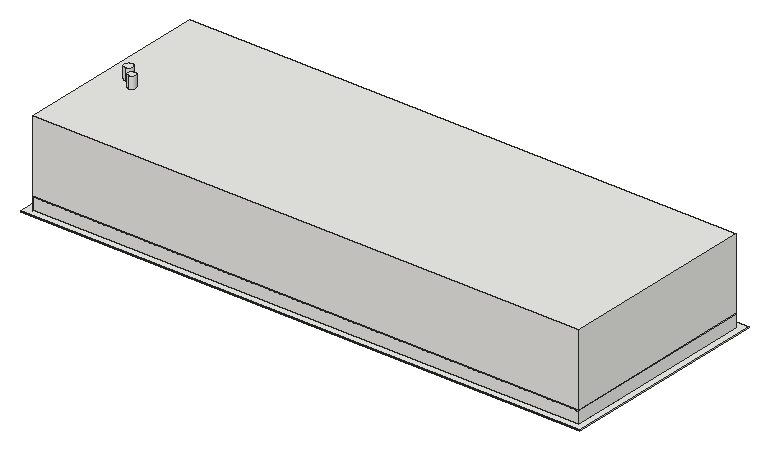
Revit family "AIRTECNICS_AIR CURTAIN_RECESSED WINDBOX_MG_DX-VRF_(HITACHI)_0", category Mechanical Equipment, Revit 2016
Family settings
  Part Type = Normal
  Round Connector Dimension = Use Diameter
  OmniClass Number = 23.75.70.21.17
  OmniClass Title = Air Curtains
  Work Plane-Based = No
  Always vertical = Yes
  Cut with Voids When Loaded = No
  Shared = No
  Room Calculation Point = No
Parameters (values of type "WINDBOX RECM 2000 DX16-HI")
  · PIPES POSITION · [instance] = "-/ Select Pipes Position /-"  # constant formula
  · OTHERS · [instance] = "-/ Select Supports - Inst.Maint. Space /-"  # constant formula
  · HEATING · = "-/ Heating /-"  # constant formula
  · EXTERNAL UNIT · [instance] = "-/ External Unit Type /-"  # constant formula
  · COIL ROWS · = "-/ DX Coil Rows /-"  # constant formula
  Weight [instance] = size_lookup(Name_Lookup_Data, "Weight", 1.00 kg, CM, CT, CH, CR)  # 122.00 kg
  Voltage [instance] = 230 V  # constant formula
  URL_Manufacturer = "https://www.airtecnics.com"
  URL_Datasheet = "https://www.airtecnics.com/download/file/5864/recessed-windbox-dx-hitachi-1-1-and-vrf.pdf"
  Triple Phase (External Ut.) [instance] = yes
  Supports Length [instance] = 500.0 mm
  Supports (Horizontal) [instance] = no
  Single Phase (External Ut.) [instance] = not([Triple Phase (External Ut.)])  # no
  Revit Version = "Revit 2016 - English"  # constant formula
  Review Date = "11/18"  # constant formula
  Remote Control = "-"  # constant formula
  Refrigerant Pipes_P4 [instance] = no
  Refrigerant Pipes_P3 [instance] = no
  Refrigerant Pipes_P2 [instance] = if(CW = 0, 1 = 1, 1 = 0)  # yes
  Refrigerant Pipes_P1 [instance] = no
  Product Size = if(CT = 2, "1000", if(CT = 4, "1500", if(CT = 8, "2000", if(CT = 16, "2500", if(CT = 32, "3000", "Consult Manufacturer")))))  # "2000"
  Product Reference [instance] = size_lookup(Name_Lookup_Ref, "", "Consult Manufacturer", CM, CT, CH, CR)  # "RECM 2000 DX16-HI"
  Product Heating [instance] = if(DX 1:1, "Direct Expansion 1:1 system", "Direct Expansion VRF system")  # "Direct Expansion 1:1 system"
  Product Description [instance] = size_lookup(Name_Lookup_Data, "", "Consult Manufacturer", CM, CT, CH, CR)  # "Energy saving heat pump air curtain: Up to 70% reduction in costs and CO2 emissions (heating mode).\r\nSelf-supporting casing construction made of galvanized steel plate, ready to be installed recessed in a false ceiling. \r\nInlet grille (free of maintenance) made with aluminium profiles and blow-out nozzle, integrated in a single white frame colour RAL 9016. Other colours are available on request.  Internal prefilter included.\r\nAnodized aluminium outlet vanes, airfoil shaped, adjustable in both directions.\r\nDouble-inlet centrifugal fans driven by an external rotor motor and low noise level. 5-speed selector. EC models assembled with very low consumption efficiency fans. \r\nIncludes only heating direct expansion coil with installed temperature sensors. Under request it can be modified to work in cooling and heating mode (not recomended) with optional condensate water pump.\r\nPlug&Play control panel CS-5DX-NE slave DX with 5 speeds selector and 7m telephone cable included.\r\nReady to connect to HITACHI Inverter outdoor heat pump unit (R410A), not included, the customer should purchase it.\r\nRequires EXV-6.0E2 HITACHI DX Interface KIT adapted for air curtain with expansion valve and  PC-ART programmable control, please consult. The client should send the complete DX kit to Airtècnics in order to adapt it and install the temperature sensors.\r\nAir Volume: 3280 m3/h \r\nFans:  0,284 kW  2,48 A 230Vx1 50/60Hz\r\nHeating capacity: 16,00 kW\r\nDimensions: 770x310x2050 mm (depth, height, length)\r\nNOT SUPPLIED BY AIRTÈCNICS:\r\nEXV-6.0E2 Interface DX kit with direct expansion valve and PC-ART programmable control.\r\nExternal unit:\r\nOption 1: RAS-6HVNC1E\r\nExternal unit with direct expansion valve Hitachi, single phase motor 230Vx1 50Hz.\r\nHeating capacity 16kW. Heating power: 4,23kW. COP 3,78.\r\nCooling capacity 14kW. Cooling power 4,25kW. EER 3,29.\r\nCooling circuits 5/8\" - 3/8\".\r\nMaximum length 75m.\r\nDesnivell màxim 30m.\r\nOption 2: RAS-6HNC1E\r\nExternal unit with direct expansion valve Hitachi, triple phase motor 400Vx3 50Hz.\r\nHeating capacity 16kW. Heating power: 4,23kW. COP 3,78.\r\nCooling capacity 14kW. Cooling power 4,25kW. EER 3,29.\r\nCooling circuits 5/8\" - 3/8\".\r\nMaximum length 75m.\r\nDesnivell màxim 30m."
  Power Fans Factor [instance] = size_lookup(Name_Lookup_Data, "Power Fans Factor", 1, CM, CT, CH, CR)  # 0.5
  Power Fans [instance] = size_lookup(Name_Lookup_Data, "Power Fans", 1 kW, CM, CT, CH, CR)  # 0.284 kW
  Noise Level (dB(A)) [instance] = size_lookup(Name_Lookup_Data, "Noise Level (dB(A))", 1, CM, CT, CH, CR)  # 58
  Name_Lookup_Ref_EU = "R_WINDBOX_MG_(DX)_HI_Ref_EU_Lookup"  # constant formula
  Name_Lookup_Ref = "R_WINDBOX_MG_(DX)_HI_Ref_Lookup"  # constant formula
  Name_Lookup_Data3 = "R_WINDBOX_MG_(DX)_HI_DXkit_Lookup"  # constant formula
  Name_Lookup_Data2 = "R_WINDBOX_MG_(DX)_HI_Mainfolds_Lookup"  # constant formula
  Name_Lookup_Data = "R_WINDBOX_MG_(DX)_HI_Data_Lookup"  # constant formula
  Material Inlet Grille [instance] = AIRTECNICS_White RAL 9016
  Material Curtain [instance] = AIRTECNICS_White RAL 9016
  Mainfolds [instance] = size_lookup(Name_Lookup_Data2, "", "Consult Manufacturer", CM, CT, CH, CR)  # "5/8 & 3/8"
  M = yes
  Length = if(CT = 2, 1050.0 mm, if(CT = 4, 1550.0 mm, if(CT = 8, 2050.0 mm, if(CT = 16, 2550.0 mm, L + 50.0 mm))))  # 2050.0 mm
  IfcExportType = "DXCOOLINGCOIL"  # constant formula
  IfcExportAs = "IfcCoilType"  # constant formula
  Height = 310.0 mm  # constant formula
  Heating Capacity [instance] = size_lookup(Name_Lookup_Data, "Heating Capacity", 1 kW, CM, CT, CH, CR)  # 16 kW
  Gas Coil Volume [instance] = size_lookup(Name_Lookup_Data, "Gas Coil Volume", 1.00 L, CM, CT, CH, CR)  # 3.10 L
  G = no
  Frequency = 50 Hz  # constant formula
  Fans Stage = 5  # constant formula
  Family Version = "1.0"  # constant formula
  External Ut. Reference [instance] = size_lookup(Name_Lookup_Ref_EU, "", "Consult Manufacturer", CM, CT, CH, CR, CEU)  # "RAS-6HNCE"
  Expansion Valve [instance] = "Included on DX Kit"  # constant formula
  EC = yes
  Dn_Metric_Refrig_Liquid [instance] = size_lookup(Name_Lookup_Data2, "Dn_Liquid", 1 mm, CM, CT, CH, CR)  # 10 mm
  Dn_Metric_Refrig_Gas [instance] = size_lookup(Name_Lookup_Data2, "Dn_Gas", 1 mm, CM, CT, CH, CR)  # 16 mm
  Depth = 770.0 mm  # constant formula
  DX VRV = not(DX 1:1)  # no
  DX Kit [instance] = size_lookup(Name_Lookup_Data3, "", "Consult Manufacturer", CM, CT, CH, CR)  # "EXV-6.0E2"
  DX Controller [instance] = "PC-ART"  # constant formula
  DX Coil Rows = 4 = no
  DX Coil Rows = 3 = not([DX Coil Rows = 4])  # yes
  DX Coil Rows [instance] = if(CR = 2, 4, if(CR = 4, 3, if(CR = 0, 2, 0)))  # 3
  DX 1:1 = yes
  Current Fans [instance] = size_lookup(Name_Lookup_Data, "Current Fans", 1 A, CM, CT, CH, CR)  # 2.48 A
  Created by = "BIMETRICAL"  # constant formula
  Control [instance] = "CS-5DX-NE"  # constant formula
  Capacity_Frig_Liquid [instance] = 0 m³/h
  Capacity_Frig_Gas [instance] = 0 m³/h
  Cable = "CB7"  # constant formula
  URL = "https://www.airtecnics.com/products/heat-pump-air-curtain-recessed-windbox-for-hitachi"
  Model = "Air Curtain Recessed Windbox M,G DX/VRF HI"  # constant formula
  L = 2000.0 mm
  Type Image = <None>
  Manufacturer = "AIRTECNICS"  # constant formula
  Description = ""
  Type Comments = "Energy saving heat pump air curtain: Up to 70% reduction in costs and CO2 emissions (heating mode).\r\nSelf-supporting casing construction made of galvanized steel plate, ready to be installed recessed in a false ceiling. \r\nInlet grille (free of maintenance) made with aluminium profiles and blow-out nozzle, integrated in a single white frame colour RAL 9016. Other colours are available on request.  Internal prefilter included.\r\nAnodized aluminium outlet vanes, airfoil shaped, adjustable in both directions.\r\nDouble-inlet centrifugal fans driven by an external rotor motor and low noise level. 5-speed selector. EC models assembled with very low consumption efficiency fans. \r\nIncludes only heating direct expansion coil with installed temperature sensors. Under request it can be modified to work in cooling and heating mode (not recomended) with optional condensate water pump.\r\nPlug&Play control panel CS-5DX-NE slave DX with 5 speeds selector and 7m telephone cable included.\r\nDX 1:1:\r\nReady to connect to HITACHI Inverter outdoor heat pump unit (R410A), not included, the customer should purchase it.\r\nRequires  HITACHI DX Interface KIT adapted for air curtain with expansion valve and   programmable control, please consult.\r\nDX VRF:\r\nReady to connect to HITACHI VRF outdoor heat pump unit (R410A), not included, the customer should purchase it.\r\nRequires  HITACHI VRF Interface KIT adapted for air curtain with expansion valve and   programmable control, please consult."  # constant formula
  CW [instance] = if(Refrigerant Pipes_P1, 2, 0) + if(Refrigerant Pipes_P3, 4, 0) + if(Refrigerant Pipes_P4, 8, 0)  # 0
  CT = if(L = 1000.0 mm, 2, 0) + if(L = 1500.0 mm, 4, 0) + if(L = 2000.0 mm, 8, 0) + if(L = 2500.0 mm, 16, 0) + if(L = 3000.0 mm, 32, 0)  # 8
  CR [instance] = if([DX Coil Rows = 4], 2, 0) + if([DX Coil Rows = 3], 4, 0)  # 4
  CM = if(M, 2, 0) + if(EC, 4, 0) + if(G, 8, 0)  # 6
  CH [instance] = if(DX 1:1, 2, 0) + if(DX VRV, 4, 0)  # 2
  CEU [instance] = if([Single Phase (External Ut.)], 2, 0) + if([Triple Phase (External Ut.)], 4, 0)  # 4
  BIMETRICAL Category = "Coil"  # constant formula
  BIMETRICAL = "http://www.bimetrical.com/"  # constant formula
  Aspiration/Maintenance Space [instance] = no
  Apparent Load [instance] = size_lookup(Name_Lookup_Data, "Apparent Load", 1 VA, CM, CT, CH, CR)  # 568 VA
  Airflow [instance] = size_lookup(Name_Lookup_Data, "Airflow", 1 m³/h, CM, CT, CH, CR)  # 3280 m³/h
Reference planes
  plane 1 "Centro (Frontal/Posterior)": z = 0
  plane 2: y = 246.57
  plane 3 "Centro (Izquierda/Derecha)": x = 0
Nested families
  nested 1: "GEOM_WINDBOX_P_RECESSED_DX" at (0, 130, 48), L <- "L", ViHS <- "Supports (Horizontal)", Support Length <- "Supports Length", Aspiration/Maintenance Space <- "Aspiration/Maintenance Space", CW <- "CW", Material Curtain <- "Material Curtain", Material Inlet Grille <- "Material Inlet Grille", type "Air curtain Recessed Windbox DX"
    with ViHSC no, ViHS no, Vi2 no, Vi1 yes, TI 9, Support Length 500.0 mm, Position Water pipes OUT connection "--------------------------------", Position Water pipes IN connection "--------------------------------", Material Inlet Grille AIRTECNICS_White RAL 9016, Material Curtain AIRTECNICS_White RAL 9016, LiS 760.0 mm, Li9 114.0 mm, Li8 0.0 mm, Li7 52.0 mm, Li6 720.0 mm, Li16 10.0 mm, Li15 10.0 mm, Li14 260.0 mm, Li13 76.0 mm, Li12 0.0 mm, Li11 85.0 mm, Li10 260.0 mm, L 2000.0 mm, D_Liquid 27.0 mm, D_Gas 31.0 mm, CW 0, Aspiration/Maintenance Space no, AnWCO 90.00°, AnWCI 90.00°
Connectors
  electrical at (859, 510.57, 308), driven by "Voltage", driven by "Apparent Load", driven by "Power Fans Factor", driven by "Apparent Load"
    settings: on nested 1, index 1, voltage 230 V, apparent load 568 VA, apparent load phase1 568 VA, apparent load phase2 0 VA, apparent load phase3 0 VA, power factor 0.5, load classification "HVAC", number of poles 1, system type 30, power factor state 1, is connector primary yes, connector utility no, sub classification motor no, connector description ""
  piping at (-924, 231.57, 348), diameter 16, driven by "Dn_Metric_Refrig_Gas", driven by "Capacity_Frig_Gas"
    settings: on nested 1, index 2, connector inside diameter 609.6 mm, connector length 0.0 mm, flow factor 0, pipe flow 0 m³/h, pressure drop 0.0 Pa, fitting loss kfactor 0, connector angle 0.00°, fixture units 0, engagement length 0.0 mm, angle of deflection 0.00°, flow configuration 1, flow direction 1, fitting loss method 0, system type 7, joint type 0, gender type 0, connector reference index -1, connector utility 0, adjustable connector no, is connector primary yes, connector description "(gas) refrigerant connection"
  piping at (-886, 198.57, 348), diameter 10, driven by "Dn_Metric_Refrig_Liquid", driven by "Capacity_Frig_Liquid"
    settings: on nested 1, index 3, connector inside diameter 609.6 mm, connector length 0.0 mm, flow factor 0, pipe flow 0 m³/h, pressure drop 0.0 Pa, fitting loss kfactor 0, connector angle 0.00°, fixture units 0, engagement length 0.0 mm, angle of deflection 0.00°, flow configuration 1, flow direction 2, fitting loss method 0, system type 8, joint type 0, gender type 0, connector reference index -1, connector utility 0, adjustable connector no, is connector primary no, connector description "(liquid) refrigerant connection"
Definition of nested family "GEOM_WINDBOX_P_RECESSED_DX"
  Parameters (values of type "Air curtain Recessed Windbox DX")
    ViHSC [instance] = if(and(ViHS, L > 1000.0 mm), 1 = 1, 1 = 0)  # no
    Vi2 [instance] = if(L = 2500.0 mm, 1 = 1, 1 = 0)  # yes
    Vi1 [instance] = not(Vi2)  # no
    TI [instance] = if(L = 1000.0 mm, 5, if(L = 1500.0 mm, 7, if(L = 2000.0 mm, 9, if(L = 2500.0 mm, 11, L / 200.0 mm))))  # 11
    Name_Lookup_WaterCoils = "R_WINDBOX_MG_DX_(P)_WaterCoil_Lookup"  # constant formula
    Material Outlet Grille = none
    Material II = none
    Material I = none
    Material Inlet Grille [instance] = none
    Li16 [instance] = if(CW = 2, 100.0 mm, 10.0 mm)  # 10.0 mm
    Li15 [instance] = if(CW = 8, 100.0 mm, 10.0 mm)  # 10.0 mm
    Li14 [instance] = size_lookup(Name_Lookup_WaterCoils, "Li14", 260.0 mm, CW)  # 260.0 mm
    Li13 [instance] = if(CW = 4, L - 114.0 mm, if(CW = 2, 1.0 mm, if(CW = 8, L - 1.0 mm, 76.0 mm)))  # 76.0 mm
    Li12 [instance] = size_lookup(Name_Lookup_WaterCoils, "Li12", 0.0 mm, CW)  # 0.0 mm
    Li11 [instance] = size_lookup(Name_Lookup_WaterCoils, "Li11", 85.0 mm, CW)  # 85.0 mm
    D_Liquid [instance] = 27.0 mm  # constant formula
    D_Gas [instance] = 31.0 mm  # constant formula
    CW [instance] = 0
    AnWCO [instance] = size_lookup(Name_Lookup_WaterCoils, "AnWCO", 90.00°, CW)  # 90.00°
    Position Water pipes IN connection [instance] = "--------------------------------"  # constant formula
    Position Water pipes OUT connection [instance] = "--------------------------------"  # constant formula
    ViHS [instance] = no
    Support Length [instance] = 500.0 mm
    AnWCI [instance] = size_lookup(Name_Lookup_WaterCoils, "AnWCI", 90.00°, CW)  # 90.00°
    LiS [instance] = Support Length + 260.0 mm  # 760.0 mm
    Revit Version = "Revit 2016 - English"  # constant formula
    Review Date = "11/18"  # constant formula
    Material Curtain [instance] = none
    Li9 [instance] = if(CW = 4, L - 76.0 mm, if(CW = 2, 1.0 mm, if(CW = 8, L - 1.0 mm, 114.0 mm)))  # 114.0 mm
    Li7 [instance] = size_lookup(Name_Lookup_WaterCoils, "Li7", 52.0 mm, CW)  # 52.0 mm
    Li6 [instance] = Depth  # 720.0 mm
    Li8 [instance] = size_lookup(Name_Lookup_WaterCoils, "Li8", 0.0 mm, CW)  # 0.0 mm
    Li10 [instance] = size_lookup(Name_Lookup_WaterCoils, "Li10", 260.0 mm, CW)  # 260.0 mm
    Family Version = "1.0"  # constant formula
    Depth = 720.0 mm  # constant formula
    Default Elevation = 1219.2 mm
    Created by = "BIMETRICAL"  # constant formula
    URL = "https://www.airtecnics.com/products/heat-pump-and-energy-saving-air-curtains"
    Model = "Air curtain Recessed Windbox DX"  # constant formula
    L [instance] = 2500.0 mm
    Type Image = (empty or 0)
    Manufacturer = "AIRTECNICS"  # constant formula
    Description = "AIRTECNICS_Air curtain Recessed Windbox DX"  # constant formula
    Type Comments = ""
    BIMETRICAL Category = "Fan"  # constant formula
    BIMETRICAL = "http://www.bimetrical.com/"  # constant formula
    Aspiration/Maintenance Space [instance] = no
  Reference planes
    plane 1 "Centro (Frontal/Posterior)": z = 0
    plane 2: y = 246.57
    plane 3 "Centro (Izquierda/Derecha)": x = 0
    plane 4: z = 260
    plane 5: y = 476.57
    plane 6: y = 16.57
    plane 7: x = -1250
    plane 8: x = 1250
    plane 9: x = -1210
    plane 10: x = 1210
    plane 11: y = 442.57
    plane 12: y = 145.57
    plane 13: y = -223.43
    plane 14: x = -1136
    plane 15 "P1-01": y = 68.57
    plane 16 "P1-02": z = 0
    plane 17 "P2-01": x = -1174
    plane 18 "P2-02": z = 0
    plane 19 "P2-03": y = 101.57
    plane 20: y = -243.43
    plane 21: y = 501.57
    plane 22: x = 1275
    plane 23: y = -268.43
    plane 24: z = -48
    plane 25: z = -50
    plane 26: x = 1248
    plane 27: x = -1248
    plane 28: x = -418.5
    plane 29: x = 418.5
    plane 30: x = -1203.5
    plane 31: x = 1203.5
    plane 32: x = -962.8
    plane 33: x = -722.1
    plane 34: x = -481.4
    plane 35: z = -250
    plane 36: y = -241.454
    plane 37: y = -9.53
    plane 38: x = 1335
    plane 39: x = -1425
    plane 40: x = -240.7
    plane 41: x = 0
    plane 42: x = 240.7
    plane 43: x = 481.4
    plane 44: x = 722.1
    plane 45: x = 962.8
  Forms (mm)
    Extrusion 1, solid, material <- "Material Inlet Grille"
      sketch origin (0, 0, -50) x (1, 0, 0) y (0, 1, 0)
        loop
          line (-1250, 476.57) -> (-1250, -243.43) -> (1250, -243.43) -> (1250, 476.57) -> (-1250, 476.57)
      from 0 to 50
    Extrusion 2, void, detail levels medium+fine
      sketch origin (0, 0, -50) x (1, 0, 0) y (0, 1, 0)
        loop
          line (-1249, 474.57) -> (-1249, 387.47) -> (1249, 387.47) -> (1249, 474.57) -> (-1249, 474.57)
      from 0 to 46
    Extrusion 3, solid, material <- "Material Curtain", not visible
      sketch origin (559.734, 0, 0) x (1, 0, 0) y (0, 1, 0)
        loop
          line (613.266, 405.57) -> (485.266, 405.57) -> (485.266, 355.57) -> (613.266, 355.57) -> (613.266, 405.57)
      from 260 to 259
    Extrusion 4, solid, visible <- "ViHS"
      sketch origin (0, 0, 0) x (1, 0, 0) y (0, 1, 0)
        loop
          circle (-1210, 442.57) r 3.375
      from 260 to 760 <- "LiS"
    Extrusion 5, solid, visible <- "ViHSC"
      sketch origin (1185, 0, 0) x (1, 0, 0) y (0, 1, 0)
        loop
          circle (-1185, 442.57) r 3.375
      from 260 to 760 <- "LiS"
    Extrusion 6, solid, visible <- "ViHS"
      sketch origin (2385, 0, 0) x (1, 0, 0) y (0, 1, 0)
        loop
          circle (-1175, 442.57) r 3.375
      from 260 to 760 <- "LiS"
    Extrusion 7, solid, visible <- "ViHSC"
      sketch origin (1185, -240, 0) x (1, 0, 0) y (0, 1, 0)
        loop
          circle (-1185, 385.57) r 3.375
      from 260 to 760 <- "LiS"
    Extrusion 8, solid, visible <- "ViHS"
      sketch origin (2344.293, -280.483, 0) x (1, 0, 0) y (0, 1, 0)
        loop
          circle (-1134.293, 426.053) r 3.375
      from 260 to 760 <- "LiS"
    Extrusion 9, solid, visible <- "ViHS"
      sketch origin (9.293, -280.483, 0) x (1, 0, 0) y (0, 1, 0)
        loop
          circle (-1219.293, 426.053) r 3.375
      from 260 to 760 <- "LiS"
    Extrusion 10, solid, visible <- "Aspiration/Maintenance Space"
      sketch origin (0, 0, -50) x (1, 0, 0) y (0, 1, 0)
        loop
          line (-1250, 476.57) -> (-1250, -243.43) -> (1250, -243.43) -> (1250, 476.57) -> (-1250, 476.57)
      from 310 to 410
    Extrusion 11, solid, visible <- "Aspiration/Maintenance Space"
      sketch origin (230, 246.57, 5) x (1, 0, 0) y (0, 0, 1)
        loop
          line (1020, 255) -> (1020, -53) -> (1030, -53) -> (1030, 255) -> (1020, 255)
      from -230 to 490
    Extrusion 12, solid, visible <- "Aspiration/Maintenance Space"
      sketch origin (-2520, 246.57, 5) x (1, 0, 0) y (0, 0, 1)
        loop
          line (1260, 255) -> (1260, -53) -> (1270, -53) -> (1270, 255) -> (1260, 255)
      from -230 to 490
    Extrusion 13, solid, visible <- "ViHSC"
      sketch origin (1185, -609, 0) x (1, 0, 0) y (0, 1, 0)
        loop
          circle (-1185, 385.57) r 3.375
      from 260 to 760 <- "LiS"
    Extrusion 14, solid, visible <- "ViHS"
      sketch origin (2344.293, -649.483, 0) x (1, 0, 0) y (0, 1, 0)
        loop
          circle (-1134.293, 426.053) r 3.375
      from 260 to 760 <- "LiS"
    Extrusion 15, solid, visible <- "ViHS"
      sketch origin (9.293, -649.483, 0) x (1, 0, 0) y (0, 1, 0)
        loop
          circle (-1219.293, 426.053) r 3.375
      from 260 to 760 <- "LiS"
    Extrusion 16, solid, material <- "Material Curtain"
      sketch origin (-1174, 101.57, 260) x (0, -1, 0) y (1, 0, 0)
        loop
          circle (0, 0) r 15.5
      from 0 to 40
    Extrusion 17, solid, material <- "Material Curtain"
      sketch origin (-1136, 68.57, 260) x (0, -1, 0) y (1, 0, 0)
        loop
          circle (0, 0) r 13.5
      from 0 to 40
    Extrusion 18, solid, material <- "Material Inlet Grille"
      sketch origin (-54.078, -166.435, -50) x (1, 0, 0) y (0, 1, 0)
        loop
          line (-1220.922, -101.996) -> (1329.078, -101.996) -> (1329.078, 668.004) -> (-1220.922, 668.004) -> (-1220.922, -101.996)
        loop
          line (-1195.922, -76.996) -> (1304.078, -76.996) -> (1304.078, 643.004) -> (-1195.922, 643.004) -> (-1195.922, -76.996)
      from 0 to 2
    Sweep 19, void
      path origin (0, 0, -50) x (1, 0, 0) y (0, 1, 0)
        loop
          line (-1250, 476.57) -> (-1250, -243.43) -> (1250, -243.43) -> (1250, 476.57) -> (-1250, 476.57)
      profile origin (0, 476.57, -50) x (0, 1, 0) y (0, 0, 1)
        loop
          line (0, 46) -> (0, 50) -> (-4, 50)
          arc (-4, 50) -> (-1.172, 48.828) -> (0, 46) r 4
    Extrusion 20, solid, material <- "Material Outlet Grille"
      sketch origin (0, 0, 0) x (0, 1, 0) y (0, 0, 1)
        loop
          line (452.413, -27.506) -> (455.591, -46.036)
          arc (455.591, -46.036) -> (457.07, -47.282) -> (458.548, -46.036) r 1.5
          line (458.548, -46.036) -> (461.726, -27.506)
          arc (461.726, -27.506) -> (457.07, -21.982) -> (452.413, -27.506) r 4.725
        loop
          arc (429.342, -46.036) -> (430.82, -47.282) -> (432.299, -46.036) r 1.5
          line (432.299, -46.036) -> (435.477, -27.506)
          arc (435.477, -27.506) -> (430.82, -21.982) -> (426.163, -27.506) r 4.725
          line (426.163, -27.506) -> (429.342, -46.036)
        loop
          arc (409.976, -27.506) -> (405.319, -21.982) -> (400.662, -27.506) r 4.725
          line (400.662, -27.506) -> (403.84, -46.036)
          arc (403.84, -46.036) -> (405.319, -47.282) -> (406.797, -46.036) r 1.5
          line (406.797, -46.036) -> (409.976, -27.506)
      from -1248 to 1248
    Extrusion 21, void, detail levels medium+fine
      sketch origin (0, -484.3, -50) x (1, 0, 0) y (0, 1, 0)
        loop
          line (-1249, 474.77) -> (-1249, 242.846) -> (1249, 242.846) -> (1249, 474.77) -> (-1249, 474.77)
      from 0 to 46
    Extrusion 22, solid, material <- "Material Curtain"
      sketch origin (0, 0, -50) x (1, 0, 0) y (0, 1, 0)
        loop
          line (-1250, 476.57) -> (-1250, -243.43) -> (1250, -243.43) -> (1250, 476.57) -> (-1250, 476.57)
      from 50 to 310
    Extrusion 23, solid, material <- "Material II", visible <- "Vi1"
      sketch origin (0, 0, 0) x (0, 1, 0) y (0, 0, 1)
        loop
          line (474.57, -4) -> (400.57, -4) -> (400.57, -47.504) -> (474.57, -47.504) -> (474.57, -4)
      from -7.5 to 7.5
    Extrusion 24, solid, material <- "Material I"
      sketch origin (1191.816, 0, 0) x (0, 1, 0) y (0, 0, 1)
        loop
          arc (402.126, -44.927) -> (403.13, -46.77) -> (405.096, -47.504) r 3
          line (405.096, -47.504) -> (431.043, -47.504)
          arc (431.043, -47.504) -> (433.022, -46.759) -> (434.017, -44.893) r 3
          line (434.017, -44.893) -> (437.046, -21.725)
          arc (437.046, -21.725) -> (436.086, -18.568) -> (433.08, -17.207) r 4
          line (433.08, -17.207) -> (403.059, -17.207)
          arc (403.059, -17.207) -> (400.04, -18.583) -> (399.098, -21.764) r 4
          line (399.098, -21.764) -> (402.126, -44.927)
      from 53.181 to 56.184
    Extrusion 25, solid, material <- "Material I", visible <- "Vi1"
      sketch origin (-45.681, 0, 0) x (0, 1, 0) y (0, 0, 1)
        loop
          arc (402.126, -44.927) -> (403.13, -46.77) -> (405.096, -47.504) r 3
          line (405.096, -47.504) -> (431.043, -47.504)
          arc (431.043, -47.504) -> (433.022, -46.759) -> (434.017, -44.893) r 3
          line (434.017, -44.893) -> (437.046, -21.725)
          arc (437.046, -21.725) -> (436.086, -18.568) -> (433.08, -17.207) r 4
          line (433.08, -17.207) -> (403.059, -17.207)
          arc (403.059, -17.207) -> (400.04, -18.583) -> (399.098, -21.764) r 4
          line (399.098, -21.764) -> (402.126, -44.927)
      from 53.181 to 56.184
    Extrusion 26, solid, material <- "Material I", visible <- "Vi1"
      sketch origin (-63.684, 0, 0) x (0, 1, 0) y (0, 0, 1)
        loop
          arc (402.126, -44.927) -> (403.13, -46.77) -> (405.096, -47.504) r 3
          line (405.096, -47.504) -> (431.043, -47.504)
          arc (431.043, -47.504) -> (433.022, -46.759) -> (434.017, -44.893) r 3
          line (434.017, -44.893) -> (437.046, -21.725)
          arc (437.046, -21.725) -> (436.086, -18.568) -> (433.08, -17.207) r 4
          line (433.08, -17.207) -> (403.059, -17.207)
          arc (403.059, -17.207) -> (400.04, -18.583) -> (399.098, -21.764) r 4
          line (399.098, -21.764) -> (402.126, -44.927)
      from 53.181 to 56.184
    Extrusion 27, solid, material <- "Material II", visible <- "Vi2", not visible
      sketch origin (0, 0, 0) x (0, 1, 0) y (0, 0, 1)
        loop
          line (474.57, -4) -> (400.57, -4) -> (400.57, -47.504) -> (474.57, -47.504) -> (474.57, -4)
      from -7.5 to 7.5
    Extrusion 28, solid, material <- "Material I", visible <- "Vi2", not visible
      sketch origin (-45.681, 0, 0) x (0, 1, 0) y (0, 0, 1)
        loop
          arc (402.126, -44.927) -> (403.13, -46.77) -> (405.096, -47.504) r 3
          line (405.096, -47.504) -> (431.043, -47.504)
          arc (431.043, -47.504) -> (433.022, -46.759) -> (434.017, -44.893) r 3
          line (434.017, -44.893) -> (437.046, -21.725)
          arc (437.046, -21.725) -> (436.086, -18.568) -> (433.08, -17.207) r 4
          line (433.08, -17.207) -> (403.059, -17.207)
          arc (403.059, -17.207) -> (400.04, -18.583) -> (399.098, -21.764) r 4
          line (399.098, -21.764) -> (402.126, -44.927)
      from 53.181 to 56.184
    Extrusion 29, solid, material <- "Material I", visible <- "Vi2", not visible
      sketch origin (-63.684, 0, 0) x (0, 1, 0) y (0, 0, 1)
        loop
          arc (402.126, -44.927) -> (403.13, -46.77) -> (405.096, -47.504) r 3
          line (405.096, -47.504) -> (431.043, -47.504)
          arc (431.043, -47.504) -> (433.022, -46.759) -> (434.017, -44.893) r 3
          line (434.017, -44.893) -> (437.046, -21.725)
          arc (437.046, -21.725) -> (436.086, -18.568) -> (433.08, -17.207) r 4
          line (433.08, -17.207) -> (403.059, -17.207)
          arc (403.059, -17.207) -> (400.04, -18.583) -> (399.098, -21.764) r 4
          line (399.098, -21.764) -> (402.126, -44.927)
      from 53.181 to 56.184
    Extrusion 30, solid, material <- "Material II", visible <- "Vi2"
      sketch origin (418.5, 0, 0) x (0, 1, 0) y (0, 0, 1)
        loop
          line (474.57, -4) -> (400.57, -4) -> (400.57, -47.504) -> (474.57, -47.504) -> (474.57, -4)
      from -7.5 to 7.5
    Extrusion 31, solid, material <- "Material I", visible <- "Vi2"
      sketch origin (372.819, 0, 0) x (0, 1, 0) y (0, 0, 1)
        loop
          arc (402.126, -44.927) -> (403.13, -46.77) -> (405.096, -47.504) r 3
          line (405.096, -47.504) -> (431.043, -47.504)
          arc (431.043, -47.504) -> (433.022, -46.759) -> (434.017, -44.893) r 3
          line (434.017, -44.893) -> (437.046, -21.725)
          arc (437.046, -21.725) -> (436.086, -18.568) -> (433.08, -17.207) r 4
          line (433.08, -17.207) -> (403.059, -17.207)
          arc (403.059, -17.207) -> (400.04, -18.583) -> (399.098, -21.764) r 4
          line (399.098, -21.764) -> (402.126, -44.927)
      from 53.181 to 56.184
    Extrusion 32, solid, material <- "Material I", visible <- "Vi2"
      sketch origin (354.816, 0, 0) x (0, 1, 0) y (0, 0, 1)
        loop
          arc (402.126, -44.927) -> (403.13, -46.77) -> (405.096, -47.504) r 3
          line (405.096, -47.504) -> (431.043, -47.504)
          arc (431.043, -47.504) -> (433.022, -46.759) -> (434.017, -44.893) r 3
          line (434.017, -44.893) -> (437.046, -21.725)
          arc (437.046, -21.725) -> (436.086, -18.568) -> (433.08, -17.207) r 4
          line (433.08, -17.207) -> (403.059, -17.207)
          arc (403.059, -17.207) -> (400.04, -18.583) -> (399.098, -21.764) r 4
          line (399.098, -21.764) -> (402.126, -44.927)
      from 53.181 to 56.184
    Extrusion 33, solid, visible <- "Vi1", not visible
      sketch origin (1185, 0, 0) x (1, 0, 0) y (0, 1, 0)
        loop
          circle (-1185, 442.57) r 3.375
      from 260 to 760 <- "LiS"
    Extrusion 34, solid, material <- "Material II", visible <- "Vi1", not visible
      sketch origin (0, 0, 0) x (0, 1, 0) y (0, 0, 1)
        loop
          line (474.57, -4) -> (400.57, -4) -> (400.57, -47.504) -> (474.57, -47.504) -> (474.57, -4)
      from -7.5 to 7.5
    Extrusion 35, solid, material <- "Material I", visible <- "Vi1", not visible
      sketch origin (-45.681, 0, 0) x (0, 1, 0) y (0, 0, 1)
        loop
          arc (402.126, -44.927) -> (403.13, -46.77) -> (405.096, -47.504) r 3
          line (405.096, -47.504) -> (431.043, -47.504)
          arc (431.043, -47.504) -> (433.022, -46.759) -> (434.017, -44.893) r 3
          line (434.017, -44.893) -> (437.046, -21.725)
          arc (437.046, -21.725) -> (436.086, -18.568) -> (433.08, -17.207) r 4
          line (433.08, -17.207) -> (403.059, -17.207)
          arc (403.059, -17.207) -> (400.04, -18.583) -> (399.098, -21.764) r 4
          line (399.098, -21.764) -> (402.126, -44.927)
      from 53.181 to 56.184
    Extrusion 36, solid, material <- "Material I", visible <- "Vi1", not visible
      sketch origin (-63.684, 0, 0) x (0, 1, 0) y (0, 0, 1)
        loop
          arc (402.126, -44.927) -> (403.13, -46.77) -> (405.096, -47.504) r 3
          line (405.096, -47.504) -> (431.043, -47.504)
          arc (431.043, -47.504) -> (433.022, -46.759) -> (434.017, -44.893) r 3
          line (434.017, -44.893) -> (437.046, -21.725)
          arc (437.046, -21.725) -> (436.086, -18.568) -> (433.08, -17.207) r 4
          line (433.08, -17.207) -> (403.059, -17.207)
          arc (403.059, -17.207) -> (400.04, -18.583) -> (399.098, -21.764) r 4
          line (399.098, -21.764) -> (402.126, -44.927)
      from 53.181 to 56.184
    Extrusion 37, solid, material <- "Material II", visible <- "Vi2"
      sketch origin (-418.5, 0, 0) x (0, 1, 0) y (0, 0, 1)
        loop
          line (474.57, -4) -> (400.57, -4) -> (400.57, -47.504) -> (474.57, -47.504) -> (474.57, -4)
      from -7.5 to 7.5
    Extrusion 38, solid, material <- "Material I", visible <- "Vi2"
      sketch origin (-464.181, 0, 0) x (0, 1, 0) y (0, 0, 1)
        loop
          arc (402.126, -44.927) -> (403.13, -46.77) -> (405.096, -47.504) r 3
          line (405.096, -47.504) -> (431.043, -47.504)
          arc (431.043, -47.504) -> (433.022, -46.759) -> (434.017, -44.893) r 3
          line (434.017, -44.893) -> (437.046, -21.725)
          arc (437.046, -21.725) -> (436.086, -18.568) -> (433.08, -17.207) r 4
          line (433.08, -17.207) -> (403.059, -17.207)
          arc (403.059, -17.207) -> (400.04, -18.583) -> (399.098, -21.764) r 4
          line (399.098, -21.764) -> (402.126, -44.927)
      from 53.181 to 56.184
    Extrusion 39, solid, material <- "Material I", visible <- "Vi2"
      sketch origin (-482.184, 0, 0) x (0, 1, 0) y (0, 0, 1)
        loop
          arc (402.126, -44.927) -> (403.13, -46.77) -> (405.096, -47.504) r 3
          line (405.096, -47.504) -> (431.043, -47.504)
          arc (431.043, -47.504) -> (433.022, -46.759) -> (434.017, -44.893) r 3
          line (434.017, -44.893) -> (437.046, -21.725)
          arc (437.046, -21.725) -> (436.086, -18.568) -> (433.08, -17.207) r 4
          line (433.08, -17.207) -> (403.059, -17.207)
          arc (403.059, -17.207) -> (400.04, -18.583) -> (399.098, -21.764) r 4
          line (399.098, -21.764) -> (402.126, -44.927)
      from 53.181 to 56.184
    Extrusion 40, solid, material <- "Material Outlet Grille"
      sketch origin (0, -232.43, -85.237) x (1, 0, 0) y (0, 0, 1)
        loop
          circle (-1203.5, 56.137) r 4
      from -222.9 to 5
    Extrusion 41, solid, material <- "Material Outlet Grille"
      sketch origin (2407, -232.43, -85.237) x (1, 0, 0) y (0, 0, 1)
        loop
          circle (-1203.5, 56.137) r 4
      from -222.9 to 5
    Extrusion 42, solid, material <- "Material Outlet Grille"
      sketch origin (240.7, -232.43, -85.237) x (1, 0, 0) y (0, 0, 1)
        loop
          circle (-1203.5, 56.137) r 4
      from -222.9 to 5
    Extrusion 43, solid, material <- "Material Outlet Grille"
      sketch origin (481.4, -232.43, -85.237) x (1, 0, 0) y (0, 0, 1)
        loop
          circle (-1203.5, 56.137) r 4
      from -222.9 to 5
    Extrusion 44, solid, material <- "Material Outlet Grille"
      sketch origin (722.1, -232.43, -85.237) x (1, 0, 0) y (0, 0, 1)
        loop
          circle (-1203.5, 56.137) r 4
      from -222.9 to 5
    Extrusion 45, solid, material <- "Material I"
      sketch origin (-1301.181, 0, 0) x (0, 1, 0) y (0, 0, 1)
        loop
          arc (402.126, -44.927) -> (403.13, -46.77) -> (405.096, -47.504) r 3
          line (405.096, -47.504) -> (431.043, -47.504)
          arc (431.043, -47.504) -> (433.022, -46.759) -> (434.017, -44.893) r 3
          line (434.017, -44.893) -> (437.046, -21.725)
          arc (437.046, -21.725) -> (436.086, -18.568) -> (433.08, -17.207) r 4
          line (433.08, -17.207) -> (403.059, -17.207)
          arc (403.059, -17.207) -> (400.04, -18.583) -> (399.098, -21.764) r 4
          line (399.098, -21.764) -> (402.126, -44.927)
      from 53.181 to 56.184
    Extrusion 46, solid, material <- "Material Inlet Grille"
      sketch origin (0, -150, 0) x (0, 1, 0) y (0, 0, 1)
        loop
          line (136.77, -33.656) -> (122.009, -45.189)
          arc (122.009, -45.189) -> (118.063, -47.263) -> (113.64, -47.821) r 12.5
          line (113.64, -47.821) -> (113.57, -49.119)
          arc (113.57, -49.119) -> (118.453, -48.503) -> (122.809, -46.213) r 13.8
          line (122.809, -46.213) -> (137.57, -34.681)
          arc (137.57, -34.681) -> (138.306, -33.772) -> (138.57, -32.632) r 2.6
          line (138.57, -32.632) -> (138.57, -23.9) -> (137.27, -23.9) -> (137.27, -32.632)
          arc (137.27, -32.632) -> (137.138, -33.202) -> (136.77, -33.656) r 1.3
        loop
          line (111.77, -33.656) -> (97.009, -45.189)
          arc (97.009, -45.189) -> (93.063, -47.263) -> (88.64, -47.821) r 12.5
          line (88.64, -47.821) -> (88.57, -49.119)
          arc (88.57, -49.119) -> (93.453, -48.503) -> (97.809, -46.213) r 13.8
          line (97.809, -46.213) -> (112.57, -34.681)
          arc (112.57, -34.681) -> (113.306, -33.772) -> (113.57, -32.632) r 2.6
          line (113.57, -32.632) -> (113.57, -23.9) -> (112.27, -23.9) -> (112.27, -32.632)
          arc (112.27, -32.632) -> (112.138, -33.202) -> (111.77, -33.656) r 1.3
        loop
          line (89.52, -33.656) -> (74.759, -45.189)
          arc (74.759, -45.189) -> (70.813, -47.263) -> (66.39, -47.821) r 12.5
          line (66.39, -47.821) -> (66.32, -49.119)
          arc (66.32, -49.119) -> (71.203, -48.503) -> (75.559, -46.213) r 13.8
          line (75.559, -46.213) -> (90.32, -34.681)
          arc (90.32, -34.681) -> (91.056, -33.772) -> (91.32, -32.632) r 2.6
          line (91.32, -32.632) -> (91.32, -23.9) -> (90.02, -23.9) -> (90.02, -32.632)
          arc (90.02, -32.632) -> (89.888, -33.202) -> (89.52, -33.656) r 1.3
        loop
          line (67.27, -33.656) -> (52.509, -45.189)
          arc (52.509, -45.189) -> (48.563, -47.263) -> (44.14, -47.821) r 12.5
          line (44.14, -47.821) -> (44.07, -49.119)
          arc (44.07, -49.119) -> (48.953, -48.503) -> (53.309, -46.213) r 13.8
          line (53.309, -46.213) -> (68.07, -34.681)
          arc (68.07, -34.681) -> (68.806, -33.772) -> (69.07, -32.632) r 2.6
          line (69.07, -32.632) -> (69.07, -23.9) -> (67.77, -23.9) -> (67.77, -32.632)
          arc (67.77, -32.632) -> (67.638, -33.202) -> (67.27, -33.656) r 1.3
        loop
          line (45.02, -33.656) -> (30.259, -45.189)
          arc (30.259, -45.189) -> (26.313, -47.263) -> (21.89, -47.821) r 12.5
          line (21.89, -47.821) -> (21.82, -49.119)
          arc (21.82, -49.119) -> (26.703, -48.503) -> (31.059, -46.213) r 13.8
          line (31.059, -46.213) -> (45.82, -34.681)
          arc (45.82, -34.681) -> (46.556, -33.772) -> (46.82, -32.632) r 2.6
          line (46.82, -32.632) -> (46.82, -23.9) -> (45.52, -23.9) -> (45.52, -32.632)
          arc (45.52, -32.632) -> (45.388, -33.202) -> (45.02, -33.656) r 1.3
        loop
          line (22.77, -33.656) -> (8.009, -45.189)
          arc (8.009, -45.189) -> (4.063, -47.263) -> (-0.36, -47.821) r 12.5
          line (-0.36, -47.821) -> (-0.43, -49.119)
          arc (-0.43, -49.119) -> (4.453, -48.503) -> (8.809, -46.213) r 13.8
          line (8.809, -46.213) -> (23.57, -34.681)
          arc (23.57, -34.681) -> (24.306, -33.772) -> (24.57, -32.632) r 2.6
          line (24.57, -32.632) -> (24.57, -23.9) -> (23.27, -23.9) -> (23.27, -32.632)
          arc (23.27, -32.632) -> (23.138, -33.202) -> (22.77, -33.656) r 1.3
        loop
          line (2.32, -32.632) -> (2.32, -23.9) -> (1.02, -23.9) -> (1.02, -32.632)
          arc (1.02, -32.632) -> (0.888, -33.202) -> (0.52, -33.656) r 1.3
          line (0.52, -33.656) -> (-14.241, -45.189)
          arc (-14.241, -45.189) -> (-18.187, -47.263) -> (-22.61, -47.821) r 12.5
          line (-22.61, -47.821) -> (-22.68, -49.119)
          arc (-22.68, -49.119) -> (-17.797, -48.503) -> (-13.441, -46.213) r 13.8
          line (-13.441, -46.213) -> (1.32, -34.681)
          arc (1.32, -34.681) -> (2.056, -33.772) -> (2.32, -32.632) r 2.6
        loop
          line (-21.73, -33.656) -> (-36.491, -45.189)
          arc (-36.491, -45.189) -> (-40.437, -47.263) -> (-44.86, -47.821) r 12.5
          line (-44.86, -47.821) -> (-44.93, -49.119)
          arc (-44.93, -49.119) -> (-40.047, -48.503) -> (-35.691, -46.213) r 13.8
          line (-35.691, -46.213) -> (-20.93, -34.681)
          arc (-20.93, -34.681) -> (-20.194, -33.772) -> (-19.93, -32.632) r 2.6
          line (-19.93, -32.632) -> (-19.93, -23.9) -> (-21.23, -23.9) -> (-21.23, -32.632)
          arc (-21.23, -32.632) -> (-21.362, -33.202) -> (-21.73, -33.656) r 1.3
        loop
          line (-43.98, -33.656) -> (-58.741, -45.189)
          arc (-58.741, -45.189) -> (-62.687, -47.263) -> (-67.11, -47.821) r 12.5
          line (-67.11, -47.821) -> (-67.18, -49.119)
          arc (-67.18, -49.119) -> (-62.297, -48.503) -> (-57.941, -46.213) r 13.8
          line (-57.941, -46.213) -> (-43.18, -34.681)
          arc (-43.18, -34.681) -> (-42.444, -33.772) -> (-42.18, -32.632) r 2.6
          line (-42.18, -32.632) -> (-42.18, -23.9) -> (-43.48, -23.9) -> (-43.48, -32.632)
          arc (-43.48, -32.632) -> (-43.612, -33.202) -> (-43.98, -33.656) r 1.3
        loop
          line (-66.23, -33.656) -> (-80.991, -45.189)
          arc (-80.991, -45.189) -> (-84.937, -47.263) -> (-89.36, -47.821) r 12.5
          line (-89.36, -47.821) -> (-89.43, -49.119)
          arc (-89.43, -49.119) -> (-84.547, -48.503) -> (-80.191, -46.213) r 13.8
          line (-80.191, -46.213) -> (-65.43, -34.681)
          arc (-65.43, -34.681) -> (-64.694, -33.772) -> (-64.43, -32.632) r 2.6
          line (-64.43, -32.632) -> (-64.43, -23.9) -> (-65.73, -23.9) -> (-65.73, -32.632)
          arc (-65.73, -32.632) -> (-65.862, -33.202) -> (-66.23, -33.656) r 1.3
      from -1248 to 1248
    Extrusion 47, solid, visible <- "Aspiration/Maintenance Space"
      sketch origin (0, 0, -590) x (1, 0, 0) y (0, 1, 0)
        loop
          line (-1248, -9.53) -> (-1248, -241.454) -> (1248, -241.454) -> (1248, -9.53) -> (-1248, -9.53)
      from 340 to 540
    Extrusion 48, solid, material <- "Material Outlet Grille"
      sketch origin (962.8, -232.43, -85.237) x (1, 0, 0) y (0, 0, 1)
        loop
          circle (-1203.5, 56.137) r 4
      from -222.9 to 5
    Extrusion 49, solid, material <- "Material Outlet Grille"
      sketch origin (1203.5, -232.43, -85.237) x (1, 0, 0) y (0, 0, 1)
        loop
          circle (-1203.5, 56.137) r 4
      from -222.9 to 5
    Extrusion 50, solid, material <- "Material Outlet Grille"
      sketch origin (1444.2, -232.43, -85.237) x (1, 0, 0) y (0, 0, 1)
        loop
          circle (-1203.5, 56.137) r 4
      from -222.9 to 5
    Extrusion 51, solid, material <- "Material Outlet Grille"
      sketch origin (1684.9, -232.43, -85.237) x (1, 0, 0) y (0, 0, 1)
        loop
          circle (-1203.5, 56.137) r 4
      from -222.9 to 5
    Extrusion 52, solid, material <- "Material Outlet Grille"
      sketch origin (1925.6, -232.43, -85.237) x (1, 0, 0) y (0, 0, 1)
        loop
          circle (-1203.5, 56.137) r 4
      from -222.9 to 5
    Extrusion 53, solid, material <- "Material Outlet Grille"
      sketch origin (2166.3, -232.43, -85.237) x (1, 0, 0) y (0, 0, 1)
        loop
          circle (-1203.5, 56.137) r 4
      from -222.9 to 5
  Cuts and joins
    Extrusion 2, Sweep 19, Extrusion 21 cuts Extrusion 1
    Extrusion 21 cuts Extrusion 18
    joined: Extrusion 1, Extrusion 18
  Lines and regions (mm)
    reference lines
      curve 1: line (-1136, 68.57, 0) -> (-1136, 68.57, 260)
      curve 2: line (-1174, 101.57, 0) -> (-1174, 101.57, 260)
  Dimensions and locks
    locked: plane 4 to plane 1 "Centro (Frontal/Posterior)" at 260
    equal spacing: plane 7, plane 3 "Centro (Izquierda/Derecha)", plane 8
    equal spacing: plane 5, plane 2, plane 6
    "L": plane 7 to plane 8
    locked: plane 5 to plane 6 at 460
    plane 1 "Centro (Frontal/Posterior)" to cut or joined group of Extrusion 1, Extrusion 2, Extrusion 18, Sweep 19, Extrusion 21 = 4.0 mm
    locked: plane 7 to plane 9 at 40
    locked: plane 10 to plane 8 at 40
    plane 5 to Extrusion 2 sketch curve = 2.0 mm
    Extrusion 2 sketch curve to plane 8 = 1.0 mm
    plane 7 to Extrusion 2 sketch curve = 1.0 mm
    "Li6": plane 5 to Extrusion 1 sketch curve
    Extrusion 3 sketch curve to plane 8 = 77.0 mm
    plane 5 to Extrusion 3 sketch curve = 71.0 mm
    Extrusion 3 sketch curve to Extrusion 3 sketch curve = 50.0 mm
    Extrusion 3 sketch curve to Extrusion 3 sketch curve = 128.0 mm
    locked: plane 5 to plane 11 at 34
    plane 5 to Extrusion 10 sketch curve = 720.0 mm
    locked: Extrusion 10 to plane 4 at 100
    Extrusion 11 sketch curve to Extrusion 11 sketch curve = 308.0 mm
    Extrusion 12 sketch curve to Extrusion 12 sketch curve = 308.0 mm
    "Li16": Extrusion 12 to Extrusion 12
    "Depth": plane 5 to Extrusion 11
    "Depth": plane 5 to Extrusion 12
    locked: plane 6 to plane 12 at 129
    locked: plane 12 to plane 13 at 369
    "Li9": plane 7 to plane 14
    "Li7": plane 15 "P1-01" to plane 6
    "Li8": plane 1 "Centro (Frontal/Posterior)" to plane 16 "P1-02"
    "Li10": curve 1 to curve 1
    "Li13": plane 7 to plane 17 "P2-01"
    "Li11": plane 19 "P2-03" to plane 6
    "Li12": plane 1 "Centro (Frontal/Posterior)" to plane 18 "P2-02"
    "Li14": curve 2 to curve 2
    locked: plane 6 to plane 20 at 260
    locked: plane 21 to plane 5 at 25
    locked: plane 8 to plane 22 at 25
    locked: plane 20 to plane 23 at 25
    locked: plane 24 to plane 25 at 2
    locked: plane 24 to plane 1 "Centro (Frontal/Posterior)" at 48
    locked: Extrusion 20 to plane 25 at 3.964
    locked: plane 21 to Extrusion 20 at 97.729
    locked: plane 26 to plane 8 at 2
    locked: plane 7 to plane 27 at 2
    locked: Extrusion 24 to plane 26 at 3.003
    equal spacing: Extrusion 23, plane 3 "Centro (Izquierda/Derecha)", Extrusion 23
    equal spacing: plane 28, plane 3 "Centro (Izquierda/Derecha)", plane 29
    locked: plane 28 to plane 3 "Centro (Izquierda/Derecha)" at 418.5
    locked: plane 28 to Extrusion 37 at 7.5
    locked: plane 29 to Extrusion 30 at 7.5
    equal spacing: group 5, group 7, group 8, group 9, group 10, group 11, group 12, group 13, group 14, group 15, group 6  (x3)
    locked: plane 31 to plane 22 at 71.5
    locked: plane 27 to Extrusion 45 at 3.003
    plane 25 to plane 35 = 200.0 mm
    locked: plane 37 to plane 6 at 26.1
    locked: plane 20 to plane 36 at 1.976
    "Li15": plane 8 to Extrusion 11
    locked: plane 30 to plane 7 at 46.5
    radius of Extrusion 4 sketch curve = 3.375 mm
    radius of Extrusion 5 sketch curve = 3.375 mm
    radius of Extrusion 6 sketch curve = 3.375 mm
    radius of Extrusion 7 sketch curve = 3.375 mm
    radius of Extrusion 8 sketch curve = 3.375 mm
    radius of Extrusion 9 sketch curve = 3.375 mm
    radius of Extrusion 13 sketch curve = 3.375 mm
    radius of Extrusion 14 sketch curve = 3.375 mm
    radius of Extrusion 15 sketch curve = 3.375 mm
    "D_Liquid": diameter of Extrusion 17 sketch curve
    "D_Gas": diameter of Extrusion 16 sketch curve
    radius of Sweep 19 sketch curve = 4.0 mm
    radius of Extrusion 33 sketch curve = 3.375 mm
    radius of Extrusion 40 sketch curve = 4.0 mm
    radius of Extrusion 41 sketch curve = 4.0 mm
    radius of Extrusion 42 sketch curve = 4.0 mm
    radius of Extrusion 43 sketch curve = 4.0 mm
    radius of Extrusion 44 sketch curve = 4.0 mm
    radius of Extrusion 48 sketch curve = 4.0 mm
    radius of Extrusion 49 sketch curve = 4.0 mm
    radius of Extrusion 50 sketch curve = 4.0 mm
    radius of Extrusion 51 sketch curve = 4.0 mm
    radius of Extrusion 52 sketch curve = 4.0 mm
    radius of Extrusion 53 sketch curve = 4.0 mm
    "AnWCI": angle curve 1 to plane 16 "P1-02"
    "AnWCO": angle curve 2 to plane 18 "P2-02"
    aligned and locked: Extrusion 1 sketch curve to plane 5
    aligned and locked: plane 7 to Extrusion 1 sketch curve
    aligned and locked: plane 8 to Extrusion 1 sketch curve
    aligned and locked: Extrusion 4 to plane 4
    aligned and locked: plane 9 to Extrusion 4 sketch curve
    aligned and locked: plane 10 to Extrusion 6 sketch curve
    aligned and locked: plane 11 to Extrusion 6 sketch curve
    aligned and locked: plane 9 to Extrusion 9 sketch curve
    aligned and locked: plane 12 to Extrusion 9 sketch curve
    aligned and locked: plane 12 to Extrusion 7 sketch curve
    aligned and locked: plane 10 to Extrusion 8 sketch curve
    aligned and locked: plane 12 to Extrusion 8 sketch curve
    aligned and locked: Extrusion 6 to plane 4
    aligned and locked: Extrusion 8 to plane 4
    aligned and locked: Extrusion 5 to plane 4
    aligned and locked: Extrusion 7 to plane 4
    aligned and locked: Extrusion 9 to plane 4
    aligned and locked: Extrusion 10 sketch curve to plane 5
    aligned and locked: plane 7 to Extrusion 10 sketch curve
    aligned and locked: plane 8 to Extrusion 10 sketch curve
    aligned and locked: Extrusion 10 to plane 4
    aligned and locked: plane 4 to Extrusion 11
    aligned and locked: plane 8 to Extrusion 11
    aligned and locked: plane 5 to Extrusion 11
    aligned and locked: plane 4 to Extrusion 12
    aligned and locked: plane 7 to Extrusion 12
    aligned and locked: plane 5 to Extrusion 12
    aligned and locked: plane 13 to Extrusion 14 sketch curve
    aligned and locked: plane 10 to Extrusion 14 sketch curve
    aligned and locked: plane 13 to Extrusion 13 sketch curve
    aligned and locked: plane 3 "Centro (Izquierda/Derecha)" to Extrusion 13 sketch curve
    aligned and locked: plane 9 to Extrusion 15 sketch curve
    aligned and locked: plane 13 to Extrusion 15 sketch curve
    aligned and locked: Extrusion 14 to plane 4
    aligned and locked: Extrusion 13 to plane 4
    aligned and locked: Extrusion 15 to plane 4
    aligned and locked: plane 16 "P1-02" to curve 1
    aligned and locked: plane 14 to curve 1
    aligned and locked: plane 18 "P2-02" to curve 2
    aligned and locked: plane 17 "P2-01" to curve 2
    aligned and locked: Extrusion 10 to plane 20
    aligned and locked: cut or joined group of Extrusion 1, Extrusion 2, Extrusion 18, Sweep 19, Extrusion 21 to plane 20
    aligned and locked: Extrusion 18 sketch curve to plane 23
    aligned and locked: plane 21 to Extrusion 18 sketch curve
    aligned and locked: Extrusion 18 sketch curve to plane 22
    aligned and locked: Extrusion 18 sketch curve to plane 8
    aligned and locked: plane 5 to Extrusion 18 sketch curve
    aligned and locked: Extrusion 18 sketch curve to plane 20
    aligned and locked: Extrusion 18 sketch curve to plane 7
    aligned and locked: plane 24 to Extrusion 18
    aligned and locked: Extrusion 12 to plane 24
    aligned and locked: Extrusion 11 to plane 24
    aligned and locked: level to plane 25
    aligned and locked: cut or joined group of Extrusion 1, Extrusion 2, Extrusion 18, Sweep 19, Extrusion 21 to level
    aligned and locked: cut or joined group of Extrusion 1, Extrusion 2, Extrusion 18, Sweep 19, Extrusion 21 to plane 25
    aligned and locked: plane 7 to Sweep 19 sketch curve
    aligned and locked: plane 20 to Sweep 19 sketch curve
    aligned and locked: Sweep 19 sketch curve to plane 5  (x2)
    aligned and locked: plane 8 to Sweep 19 sketch curve
    aligned and locked: plane 1 "Centro (Frontal/Posterior)" to Sweep 19 sketch curve
    aligned and locked: Extrusion 20 to plane 26
    aligned and locked: Extrusion 20 to plane 27
    aligned and locked: cut or joined group of Extrusion 1, Extrusion 2, Extrusion 18, Sweep 19, Extrusion 21 to plane 1 "Centro (Frontal/Posterior)"
    aligned and locked: plane 8 to Extrusion 22 sketch curve
    aligned and locked: Extrusion 22 sketch curve to plane 5
    aligned and locked: plane 7 to Extrusion 22 sketch curve
    aligned and locked: plane 20 to Extrusion 22 sketch curve
    aligned and locked: plane 4 to Extrusion 22
    aligned and locked: plane 1 "Centro (Frontal/Posterior)" to Extrusion 22
    aligned and locked: Extrusion 24 to plane 26
    aligned and locked: plane 30 to Extrusion 40 sketch curve
    aligned and locked: plane 31 to Extrusion 41 sketch curve
    aligned and locked: plane 32 to Extrusion 42 sketch curve
    aligned and locked: plane 33 to Extrusion 43 sketch curve
    aligned and locked: plane 34 to Extrusion 44 sketch curve
    aligned and locked: Extrusion 45 to plane 27
    aligned and locked: Extrusion 46 to plane 26
    aligned and locked: Extrusion 46 to plane 27
    aligned and locked: plane 25 to Extrusion 47
    aligned and locked: Extrusion 47 to plane 35
    aligned and locked: Extrusion 47 to cut or joined group of Extrusion 1, Extrusion 2, Extrusion 18, Sweep 19, Extrusion 21
    aligned and locked: Extrusion 47 to plane 27
    aligned and locked: Extrusion 47 to plane 26
    aligned and locked: plane 37 to cut or joined group of Extrusion 1, Extrusion 2, Extrusion 18, Sweep 19, Extrusion 21
    aligned and locked: plane 36 to Extrusion 21 sketch curve
    aligned and locked: Extrusion 21 sketch curve to plane 37
    aligned and locked: plane 40 to Extrusion 48 sketch curve
    aligned and locked: plane 41 to Extrusion 49 sketch curve
    aligned and locked: plane 42 to Extrusion 50 sketch curve
    aligned and locked: plane 43 to Extrusion 51 sketch curve
    aligned and locked: plane 44 to Extrusion 52 sketch curve
    aligned and locked: plane 45 to Extrusion 53 sketch curve
  Automatic sketch dimensions
    Extrusion 25 sketch curve to Extrusion 25 sketch curve = 3.028 mm
    Extrusion 25 sketch curve to Extrusion 25 sketch curve = 3.961 mm
    Extrusion 25 sketch curve to Extrusion 25 sketch curve = 2.97 mm
    Extrusion 25 sketch curve to Extrusion 25 sketch curve = 2.975 mm
    Extrusion 25 sketch curve to Extrusion 25 sketch curve = 0.557 mm
    Extrusion 25 sketch curve to Extrusion 25 sketch curve = 4.0 mm
    Extrusion 25 sketch curve to Extrusion 25 sketch curve = 3.966 mm
    Extrusion 25 sketch curve to Extrusion 25 sketch curve = 0.0 mm  (x2)
    Extrusion 26 sketch curve to Extrusion 26 sketch curve = 3.028 mm
    Extrusion 26 sketch curve to Extrusion 26 sketch curve = 3.961 mm
    Extrusion 26 sketch curve to Extrusion 26 sketch curve = 2.97 mm
    Extrusion 26 sketch curve to Extrusion 26 sketch curve = 2.975 mm
    Extrusion 26 sketch curve to Extrusion 26 sketch curve = 0.557 mm
    Extrusion 26 sketch curve to Extrusion 26 sketch curve = 4.0 mm
    Extrusion 26 sketch curve to Extrusion 26 sketch curve = 3.966 mm
    Extrusion 26 sketch curve to Extrusion 26 sketch curve = 0.0 mm  (x2)
    Extrusion 25 sketch curve to Extrusion 25 sketch curve = 25.946 mm
    Extrusion 25 sketch curve to Extrusion 25 sketch curve = 2.037 mm
    Extrusion 25 sketch curve to Extrusion 25 sketch curve = 2.578 mm
    Extrusion 25 sketch curve to Extrusion 25 sketch curve = 2.611 mm
    Extrusion 25 sketch curve to Extrusion 25 sketch curve = 23.162 mm
    Extrusion 26 sketch curve to Extrusion 26 sketch curve = 25.946 mm
    Extrusion 26 sketch curve to Extrusion 26 sketch curve = 2.037 mm
    Extrusion 26 sketch curve to Extrusion 26 sketch curve = 2.578 mm
    Extrusion 26 sketch curve to Extrusion 26 sketch curve = 2.611 mm
    Extrusion 26 sketch curve to Extrusion 26 sketch curve = 23.162 mm
    Extrusion 28 sketch curve to Extrusion 28 sketch curve = 3.028 mm
    Extrusion 28 sketch curve to Extrusion 28 sketch curve = 3.961 mm
    Extrusion 28 sketch curve to Extrusion 28 sketch curve = 2.97 mm
    Extrusion 28 sketch curve to Extrusion 28 sketch curve = 2.975 mm
    Extrusion 28 sketch curve to Extrusion 28 sketch curve = 0.557 mm
    Extrusion 28 sketch curve to Extrusion 28 sketch curve = 4.0 mm
    Extrusion 28 sketch curve to Extrusion 28 sketch curve = 3.966 mm
    Extrusion 28 sketch curve to Extrusion 28 sketch curve = 0.0 mm  (x2)
    Extrusion 29 sketch curve to Extrusion 29 sketch curve = 3.028 mm
    Extrusion 29 sketch curve to Extrusion 29 sketch curve = 3.961 mm
    Extrusion 29 sketch curve to Extrusion 29 sketch curve = 2.97 mm
    Extrusion 29 sketch curve to Extrusion 29 sketch curve = 2.975 mm
    Extrusion 29 sketch curve to Extrusion 29 sketch curve = 0.557 mm
    Extrusion 29 sketch curve to Extrusion 29 sketch curve = 4.0 mm
    Extrusion 29 sketch curve to Extrusion 29 sketch curve = 3.966 mm
    Extrusion 29 sketch curve to Extrusion 29 sketch curve = 0.0 mm  (x2)
    Extrusion 28 sketch curve to Extrusion 28 sketch curve = 25.946 mm
    Extrusion 28 sketch curve to Extrusion 28 sketch curve = 2.037 mm
    Extrusion 28 sketch curve to Extrusion 28 sketch curve = 2.578 mm
    Extrusion 28 sketch curve to Extrusion 28 sketch curve = 2.611 mm
    Extrusion 28 sketch curve to Extrusion 28 sketch curve = 23.162 mm
    Extrusion 29 sketch curve to Extrusion 29 sketch curve = 25.946 mm
    Extrusion 29 sketch curve to Extrusion 29 sketch curve = 2.037 mm
    Extrusion 29 sketch curve to Extrusion 29 sketch curve = 2.578 mm
    Extrusion 29 sketch curve to Extrusion 29 sketch curve = 2.611 mm
    Extrusion 29 sketch curve to Extrusion 29 sketch curve = 23.162 mm
    Extrusion 31 sketch curve to Extrusion 31 sketch curve = 3.028 mm
    Extrusion 31 sketch curve to Extrusion 31 sketch curve = 3.961 mm
    Extrusion 31 sketch curve to Extrusion 31 sketch curve = 2.97 mm
    Extrusion 31 sketch curve to Extrusion 31 sketch curve = 2.975 mm
    Extrusion 31 sketch curve to Extrusion 31 sketch curve = 0.557 mm
    Extrusion 31 sketch curve to Extrusion 31 sketch curve = 4.0 mm
    Extrusion 31 sketch curve to Extrusion 31 sketch curve = 3.966 mm
    Extrusion 31 sketch curve to Extrusion 31 sketch curve = 0.0 mm  (x2)
    Extrusion 32 sketch curve to Extrusion 32 sketch curve = 3.028 mm
    Extrusion 32 sketch curve to Extrusion 32 sketch curve = 3.961 mm
    Extrusion 32 sketch curve to Extrusion 32 sketch curve = 2.97 mm
    Extrusion 32 sketch curve to Extrusion 32 sketch curve = 2.975 mm
    Extrusion 32 sketch curve to Extrusion 32 sketch curve = 0.557 mm
    Extrusion 32 sketch curve to Extrusion 32 sketch curve = 4.0 mm
    Extrusion 32 sketch curve to Extrusion 32 sketch curve = 3.966 mm
    Extrusion 32 sketch curve to Extrusion 32 sketch curve = 0.0 mm  (x2)
    Extrusion 31 sketch curve to Extrusion 31 sketch curve = 25.946 mm
    Extrusion 31 sketch curve to Extrusion 31 sketch curve = 2.037 mm
    Extrusion 31 sketch curve to Extrusion 31 sketch curve = 2.578 mm
    Extrusion 31 sketch curve to Extrusion 31 sketch curve = 2.611 mm
    Extrusion 31 sketch curve to Extrusion 31 sketch curve = 23.162 mm
    Extrusion 32 sketch curve to Extrusion 32 sketch curve = 25.946 mm
    Extrusion 32 sketch curve to Extrusion 32 sketch curve = 2.037 mm
    Extrusion 32 sketch curve to Extrusion 32 sketch curve = 2.578 mm
    Extrusion 32 sketch curve to Extrusion 32 sketch curve = 2.611 mm
    Extrusion 32 sketch curve to Extrusion 32 sketch curve = 23.162 mm
    Extrusion 23 sketch curve to Extrusion 23 sketch curve = 74.0 mm
    Extrusion 23 sketch curve to Extrusion 23 sketch curve = 43.504 mm
    Extrusion 35 sketch curve to Extrusion 35 sketch curve = 3.028 mm
    Extrusion 35 sketch curve to Extrusion 35 sketch curve = 3.961 mm
    Extrusion 35 sketch curve to Extrusion 35 sketch curve = 2.97 mm
    Extrusion 35 sketch curve to Extrusion 35 sketch curve = 2.975 mm
    Extrusion 35 sketch curve to Extrusion 35 sketch curve = 0.557 mm
    Extrusion 35 sketch curve to Extrusion 35 sketch curve = 4.0 mm
    Extrusion 35 sketch curve to Extrusion 35 sketch curve = 3.966 mm
    Extrusion 35 sketch curve to Extrusion 35 sketch curve = 0.0 mm  (x2)
    Extrusion 36 sketch curve to Extrusion 36 sketch curve = 3.028 mm
    Extrusion 36 sketch curve to Extrusion 36 sketch curve = 3.961 mm
    Extrusion 36 sketch curve to Extrusion 36 sketch curve = 2.97 mm
    Extrusion 36 sketch curve to Extrusion 36 sketch curve = 2.975 mm
    Extrusion 36 sketch curve to Extrusion 36 sketch curve = 0.557 mm
    Extrusion 36 sketch curve to Extrusion 36 sketch curve = 4.0 mm
    Extrusion 36 sketch curve to Extrusion 36 sketch curve = 3.966 mm
    Extrusion 36 sketch curve to Extrusion 36 sketch curve = 0.0 mm  (x2)
    Extrusion 35 sketch curve to Extrusion 35 sketch curve = 25.946 mm
    Extrusion 35 sketch curve to Extrusion 35 sketch curve = 2.037 mm
    Extrusion 35 sketch curve to Extrusion 35 sketch curve = 2.578 mm
    Extrusion 35 sketch curve to Extrusion 35 sketch curve = 2.611 mm
    Extrusion 35 sketch curve to Extrusion 35 sketch curve = 23.162 mm
    Extrusion 36 sketch curve to Extrusion 36 sketch curve = 25.946 mm
    Extrusion 36 sketch curve to Extrusion 36 sketch curve = 2.037 mm
    Extrusion 36 sketch curve to Extrusion 36 sketch curve = 2.578 mm
    Extrusion 36 sketch curve to Extrusion 36 sketch curve = 2.611 mm
    Extrusion 36 sketch curve to Extrusion 36 sketch curve = 23.162 mm
    Extrusion 34 sketch curve to Extrusion 34 sketch curve = 74.0 mm
    Extrusion 34 sketch curve to Extrusion 34 sketch curve = 43.504 mm
    Extrusion 38 sketch curve to Extrusion 38 sketch curve = 3.028 mm
    Extrusion 38 sketch curve to Extrusion 38 sketch curve = 3.961 mm
    Extrusion 38 sketch curve to Extrusion 38 sketch curve = 2.97 mm
    Extrusion 38 sketch curve to Extrusion 38 sketch curve = 2.975 mm
    Extrusion 38 sketch curve to Extrusion 38 sketch curve = 0.557 mm
